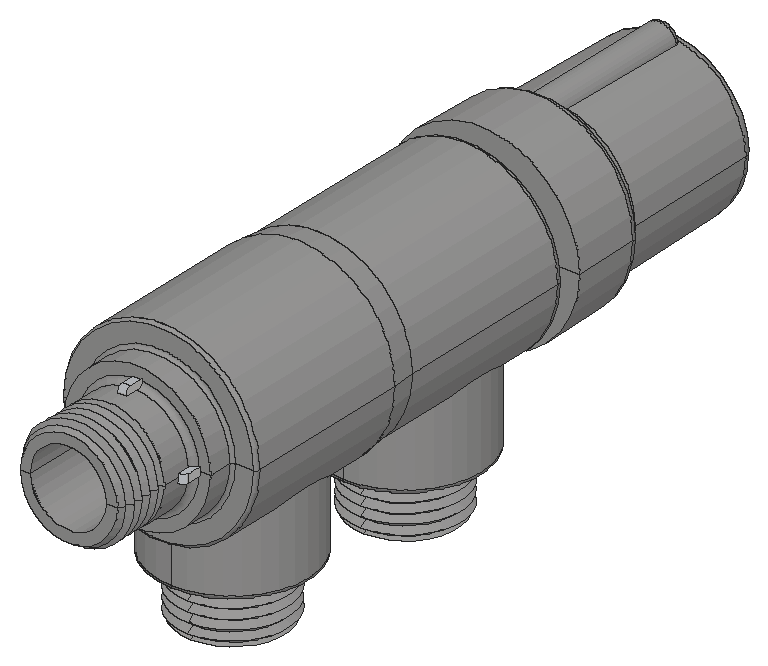
Revit family
Parameters (values of type "Type 1")
  WaterSupplyTemperatureMaximum = "55°C-85° (∆50°C : CW/HW)"
  WarrantyDurationUnit = "10 years"
  WarrantyDescription = "Any manufacturing defect"
  Version = "v1"
  URL = "http://www.delabie.com"
  Type Comments = "Thermostatic mixing valve "
  SerialNumber = "3456330018951"
  Radius (Out) = 10.3 mm
  Radius = 10.3 mm
  ProductInformation = "http://www.delabie.com/products/733015"
  Operation = "Thermostatic mixing valve "
  NominalLength = 140 mm
  Name = "PREMIX COMPACT "
  ModelNumber = "733015"
  Model = "PREMIX COMPACT"
  Material = Brass
  ManufacturerURL = "http://www.delabie.com"
  ManufacturerName = "DELABIE"
  Manufacturer = "DELABIE"
  Keynote = ""
  IntegralAccessoryOptions = "Mixer, tap, valve"
  Grade = "ACS - BELGAQUA - PZH"
  FlowRate lps = "KV 0.32 lps"
  FlowRate lpm = "KV 19 lpm"
  Finish = Rough
  Features  = "Hot water thermostatic mixing valve for mixed water distribution:\r\nFor 2 to 7 sanitary points-of-use (depending on the flow rate).\r\nAnti-scalding safety: Automatic hot water shut-off if cold water supply fails.\r\nAdjustable temperature from 30° - 60°C, can be blocked by the installer.\r\nNon-return valves and filters.\r\nMinimum flow rate for operation: 5 lpm.\r\nThermal shocks are possible.\r\nM½\" (KV 19 lpm).\r\nRough finish with blue control cap."
  Description = "French manufacturer Delabie is a leader in the European sanitary ware market for non-domestic places. Water controls, solutions for disabled people, sanitary ware, for schools, leisure centres, offices, hospitals, airports…"
  Category = "Basin, shower"
  Assembly Code = ""
Reference planes
  plane 1: y = 0
  plane 2 "Center (Left/Right)": x = 125
  plane 3 "Back": y = 75
Forms (mm)
  Revolve 1, solid, material "Laiton brut"
    sketch origin (0.038, 144.62, 1124.99) x (1, 0, 0) y (0, 1, 0)
      loop
        arc (0, 70.98) -> (-5.333, 70.769) -> (-10.634, 70.148) r 69.276
        line (-10.634, 70.148) -> (-13.257, 70.148)
        arc (-13.257, 70.148) -> (-14.588, 69.498) -> (-15.142, 68.125) r 2.066
        line (-15.142, 68.125) -> (-15.6, 41.931)
        arc (-15.6, 41.931) -> (-16.125, 40.527) -> (-17.298, 39.594) r 2.804
        arc (-17.298, 39.594) -> (-17.756, 39.216) -> (-17.935, 38.65) r 1.046
        line (-17.935, 38.65) -> (-18.156, 25.98) -> (-11.477, 25.98) -> (-11.477, 23.774)
        arc (-11.477, 23.774) -> (-11.814, 23.067) -> (-12.543, 22.78) r 1.068
        line (-12.543, 22.78) -> (-16.471, 22.78)
        arc (-16.471, 22.78) -> (-17.208, 22.475) -> (-17.513, 21.738) r 1.042
        line (-17.513, 21.738) -> (-17.513, -11.966)
        arc (-17.513, -11.966) -> (-17.878, -14.267) -> (-18, -16.595) r 22.263
        line (-18, -16.595) -> (-18, -47.972)
        arc (-18, -47.972) -> (-17.939, -48.412) -> (-17.619, -48.72) r 0.678
        line (-17.619, -48.72) -> (-14.214, -48.72)
        arc (-14.214, -48.72) -> (-13.717, -48.856) -> (-13.5, -49.324) r 0.613
        line (-13.5, -49.324) -> (-13.5, -53.717) -> (-11.327, -53.717)
        arc (-11.327, -53.717) -> (-10.565, -54.033) -> (-10.25, -54.795) r 1.078
        line (-10.25, -54.795) -> (-10.25, -60.33) -> (-9.156, -60.961) -> (-10.253, -61.915) -> (-9.252, -62.916) -> (-10.211, -63.75) -> (-9.24, -64.624) -> (-10.228, -65.612) -> (-9.107, -66.456) -> (-10.286, -67.48) -> (-8.805, -68.24) -> (-9.605, -68.613) -> (-9, -69.62) -> (0, -69.62) -> (0, 70.98)
      axis (0, -69.62) -> (0, 70.98)
    angle from 0 to 360
  Revolve 2, solid, material "Laiton brut"
    sketch origin (0.038, 144.62, 1139.452) x (1, 0, 0) y (0, 1, 0)
      loop
        line (0, 68.215) -> (-1.814, 68.215)
        arc (-1.814, 68.215) -> (-2.674, 67.985) -> (-3.051, 67.177) r 1.054
        line (-3.051, 67.177) -> (-3.051, 36.738) -> (0, 36.738) -> (0, 68.215)
      axis (0, 36.738) -> (0, 68.215)
    angle from 0 to 360
  Revolve 3, solid, material "Laiton brut"
    sketch origin (0.038, 144.62, 1110.527) x (0, -1, 0) y (1, 0, 0)
      loop
        line (-68.215, 0) -> (-68.215, -1.814)
        arc (-68.215, -1.814) -> (-67.985, -2.674) -> (-67.177, -3.051) r 1.054
        line (-67.177, -3.051) -> (-36.738, -3.051) -> (-36.738, 0) -> (-68.215, 0)
      axis (-36.738, 0) -> (-68.215, 0)
    angle from 0 to 360
  Extrusion 4, solid
    sketch origin (0.038, 144.62, 1124.99) x (0, 1, 0) y (0, 0, 1)
      loop
        line (-57.22, 10.25) -> (-52.487, 10.25) -> (-52.487, 11.496) -> (-56.259, 11.496)
        arc (-56.259, 11.496) -> (-57.046, 11.109) -> (-57.22, 10.25) r 0.993
      loop
        arc (-57.22, -10.223) -> (-57.046, -11.082) -> (-56.259, -11.469) r 0.993
        line (-56.259, -11.469) -> (-52.487, -11.469) -> (-52.487, -10.223) -> (-57.22, -10.223)
    from -0.775 to 0.772
  Extrusion 5, solid
    sketch origin (0.007, 144.62, 1124.979) x (0, 1, 0) y (1, 0, -0.00065)
      loop
        line (-57.22, 10.25) -> (-52.487, 10.25) -> (-52.487, 11.496) -> (-56.259, 11.496)
        arc (-56.259, 11.496) -> (-57.046, 11.109) -> (-57.22, 10.25) r 0.993
      loop
        arc (-57.22, -10.223) -> (-57.046, -11.082) -> (-56.259, -11.469) r 0.993
        line (-56.259, -11.469) -> (-52.487, -11.469) -> (-52.487, -10.223) -> (-57.22, -10.223)
    from -0.775 to 0.772
  Revolve 6, solid, material "Laiton brut"
    sketch origin (0.038, 144.62, 1124.99) x (0, 1, 0) y (0, 0, 1)
      loop
        line (8.28, -37.639) -> (17.064, -37.639) -> (17.913, -37.379) -> (17.174, -37.019) -> (18.549, -36.126) -> (17.277, -35.235) -> (18.505, -34.31) -> (17.198, -33.394) -> (18.556, -32.512) -> (17.204, -31.565) -> (18.545, -30.694) -> (17.199, -29.752) -> (18.551, -28.874) -> (17.22, -27.942) -> (18.558, -27.073) -> (21.846, -27.073)
        arc (21.846, -27.073) -> (22.283, -26.878) -> (22.43, -26.423) r 0.588
        line (22.43, -26.423) -> (22.43, -5.833) -> (8.28, -5.833) -> (8.28, -37.639)
      axis (8.28, -5.833) -> (8.28, -37.639)
    angle from 0 to 360
  Revolve 7, solid, material "Laiton brut"
    sketch origin (0.038, 121.173, 1124.975) x (0, -1, 0) y (0, 0, -1)
      loop
        line (8.28, 37.639) -> (8.28, 5.833) -> (22.43, 5.833) -> (22.43, 26.423)
        arc (22.43, 26.423) -> (22.283, 26.878) -> (21.846, 27.073) r 0.588
        line (21.846, 27.073) -> (18.558, 27.073) -> (17.22, 27.942) -> (18.551, 28.874) -> (17.199, 29.752) -> (18.545, 30.694) -> (17.204, 31.565) -> (18.556, 32.512) -> (17.198, 33.394) -> (18.505, 34.31) -> (17.277, 35.235) -> (18.549, 36.126) -> (17.174, 37.019) -> (17.913, 37.379) -> (17.064, 37.639) -> (8.28, 37.639)
      axis (8.28, 5.833) -> (8.28, 37.639)
    angle from 0 to 360
  Extrusion 8, void
    sketch origin (0, 112.893, 1087.336) x (1, 0, 0) y (0, 1, 0)
      loop
        circle (0.03, 39.967) r 7.025
    from 0 to 11.23
  Revolve 9, solid, material "Laiton brut", not visible
    sketch origin (0.038, -1.911, 60.33) x (1, 0, 0) y (0, 0, 1)
      loop
        arc (0, 70.98) -> (-5.333, 70.769) -> (-10.634, 70.148) r 69.276
        line (-10.634, 70.148) -> (-13.257, 70.148)
        arc (-13.257, 70.148) -> (-14.588, 69.498) -> (-15.142, 68.125) r 2.066
        line (-15.142, 68.125) -> (-15.6, 41.931)
        arc (-15.6, 41.931) -> (-16.125, 40.527) -> (-17.298, 39.594) r 2.804
        arc (-17.298, 39.594) -> (-17.756, 39.216) -> (-17.935, 38.65) r 1.046
        line (-17.935, 38.65) -> (-18.156, 25.98) -> (-11.477, 25.98) -> (-11.477, 23.774)
        arc (-11.477, 23.774) -> (-11.814, 23.067) -> (-12.543, 22.78) r 1.068
        line (-12.543, 22.78) -> (-16.471, 22.78)
        arc (-16.471, 22.78) -> (-17.208, 22.475) -> (-17.513, 21.738) r 1.042
        line (-17.513, 21.738) -> (-17.513, -11.966)
        arc (-17.513, -11.966) -> (-17.878, -14.267) -> (-18, -16.595) r 22.263
        line (-18, -16.595) -> (-18, -47.972)
        arc (-18, -47.972) -> (-17.939, -48.412) -> (-17.619, -48.72) r 0.678
        line (-17.619, -48.72) -> (-14.214, -48.72)
        arc (-14.214, -48.72) -> (-13.717, -48.856) -> (-13.5, -49.324) r 0.613
        line (-13.5, -49.324) -> (-13.5, -53.717) -> (-11.327, -53.717)
        arc (-11.327, -53.717) -> (-10.565, -54.033) -> (-10.25, -54.795) r 1.078
        line (-10.25, -54.795) -> (-10.25, -60.33) -> (-9.156, -60.961) -> (-10.253, -61.915) -> (-9.252, -62.916) -> (-10.211, -63.75) -> (-9.24, -64.624) -> (-10.228, -65.612) -> (-9.107, -66.456) -> (-10.286, -67.48) -> (-8.805, -68.24) -> (-9.605, -68.613) -> (-9, -69.62) -> (0, -69.62) -> (0, 70.98)
      axis (0, -69.62) -> (0, 70.98)
    angle from 0 to 360
  Revolve 10, solid, material "Laiton brut", not visible
    sketch origin (0.038, -16.373, 60.33) x (1, 0, 0) y (0, 0, 1)
      loop
        line (0, 68.215) -> (-1.814, 68.215)
        arc (-1.814, 68.215) -> (-2.674, 67.985) -> (-3.051, 67.177) r 1.054
        line (-3.051, 67.177) -> (-3.051, 36.738) -> (0, 36.738) -> (0, 68.215)
      axis (0, 36.738) -> (0, 68.215)
    angle from 0 to 360
  Revolve 11, solid, material "Laiton brut", not visible
    sketch origin (0.038, 12.552, 60.33) x (1, 0, 0) y (0, 0, -1)
      loop
        line (0, -68.215) -> (0, -36.738) -> (-3.051, -36.738) -> (-3.051, -67.177)
        arc (-3.051, -67.177) -> (-2.674, -67.985) -> (-1.814, -68.215) r 1.054
        line (-1.814, -68.215) -> (0, -68.215)
      axis (0, -36.738) -> (0, -68.215)
    angle from 0 to 360
  Extrusion 12, solid, not visible
    sketch origin (0.038, -1.911, 60.33) x (0, 0, 1) y (0, -1, 0)
      loop
        line (-57.22, 10.25) -> (-52.487, 10.25) -> (-52.487, 11.496) -> (-56.259, 11.496)
        arc (-56.259, 11.496) -> (-57.046, 11.109) -> (-57.22, 10.25) r 0.993
      loop
        arc (-57.22, -10.223) -> (-57.046, -11.082) -> (-56.259, -11.469) r 0.993
        line (-56.259, -11.469) -> (-52.487, -11.469) -> (-52.487, -10.223) -> (-57.22, -10.223)
    from -0.775 to 0.772
  Extrusion 13, solid, not visible
    sketch origin (0.007, -1.9, 60.33) x (0, 0, 1) y (1, 0.00065, 0)
      loop
        line (-57.22, 10.25) -> (-52.487, 10.25) -> (-52.487, 11.496) -> (-56.259, 11.496)
        arc (-56.259, 11.496) -> (-57.046, 11.109) -> (-57.22, 10.25) r 0.993
      loop
        arc (-57.22, -10.223) -> (-57.046, -11.082) -> (-56.259, -11.469) r 0.993
        line (-56.259, -11.469) -> (-52.487, -11.469) -> (-52.487, -10.223) -> (-57.22, -10.223)
    from -0.775 to 0.772
  Revolve 14, solid, material "Laiton brut", not visible
    sketch origin (0.038, -1.911, 60.33) x (0, 0, 1) y (0, -1, 0)
      loop
        line (8.28, -37.639) -> (17.064, -37.639) -> (17.913, -37.379) -> (17.174, -37.019) -> (18.549, -36.126) -> (17.277, -35.235) -> (18.505, -34.31) -> (17.198, -33.394) -> (18.556, -32.512) -> (17.204, -31.565) -> (18.545, -30.694) -> (17.199, -29.752) -> (18.551, -28.874) -> (17.22, -27.942) -> (18.558, -27.073) -> (21.846, -27.073)
        arc (21.846, -27.073) -> (22.283, -26.878) -> (22.43, -26.423) r 0.588
        line (22.43, -26.423) -> (22.43, -5.833) -> (8.28, -5.833) -> (8.28, -37.639)
      axis (8.28, -5.833) -> (8.28, -37.639)
    angle from 0 to 360
  Revolve 15, solid, material "Laiton brut", not visible
    sketch origin (0.038, -1.896, 36.884) x (0, 0, -1) y (0, 1, 0)
      loop
        line (8.28, 37.639) -> (8.28, 5.833) -> (22.43, 5.833) -> (22.43, 26.423)
        arc (22.43, 26.423) -> (22.283, 26.878) -> (21.846, 27.073) r 0.588
        line (21.846, 27.073) -> (18.558, 27.073) -> (17.22, 27.942) -> (18.551, 28.874) -> (17.199, 29.752) -> (18.545, 30.694) -> (17.204, 31.565) -> (18.556, 32.512) -> (17.198, 33.394) -> (18.505, 34.31) -> (17.277, 35.235) -> (18.549, 36.126) -> (17.174, 37.019) -> (17.913, 37.379) -> (17.064, 37.639) -> (8.28, 37.639)
      axis (8.28, 5.833) -> (8.28, 37.639)
    angle from 0 to 360
  Extrusion 16, void, not visible
    sketch origin (0, 35.743, 28.604) x (1, 0, 0) y (0, 0, 1)
      loop
        circle (0.03, 39.967) r 7.025
    from 0 to 11.23
  Extrusion 17, void
    sketch origin (0, 72.893, 1087.336) x (1, 0, 0) y (0, 1, 0)
      loop
        circle (0.03, 39.967) r 7.025
    from 0 to 11.23
  Extrusion 18, void, not visible
    sketch origin (0, 35.743, -11.396) x (1, 0, 0) y (0, 0, 1)
      loop
        circle (0.03, 39.967) r 7.025
    from 0 to 11.23
  Extrusion 19, void
    sketch origin (0, 75, 0) x (1, 0, 0) y (0, 0, 1)
      loop
        circle (0.002, 1125.16) r 7
    from -15.902 to 0
  Extrusion 20, void, not visible
    sketch origin (0, 1123.079, -9.29) x (0, -1, 0) y (1, 0, 0)
      loop
        circle (1125.16, 0.002) r 7
    from 15.902 to 0
Cuts and joins
  Extrusion 8, Extrusion 17 cuts Revolve 6
  Extrusion 17 cuts Revolve 7
  Extrusion 19 cuts Revolve 1
Lines and regions (mm)
  model lines
    curve 1: circle (0.015, 152.822, 0) r 7 normal (0, 0, 1)
Text (mm)
  text "Placement side" at (-1787.139, 592.35, 0), in view "Ref. Level"
  text "Placement side" at (0, 1827.695, 2917.686), in view "Left"
  text "Placement side" at (0, 562.268, 3853.606), in view "Right"
Dimensions and locks
  locked: plane 3 "Back" to host wall at 0
  locked: Revolve 1 to plane 3 "Back" at 0
  aligned and locked: host wall to plane 1
  aligned and locked: Extrusion 19 to Revolve 1
  aligned and locked: Revolve 1 to Extrusion 19
  aligned and locked: Extrusion 20 to Revolve 9
  aligned and locked: Revolve 9 to Extrusion 20
Connectors
  piping at (0.03, 152.86, 1098.566), driven by "Radius"
    settings: on cut or joined group of Revolve 6, Extrusion 8, Extrusion 17, index 1, connector radius 10.3 mm, flow factor 0, pipe flow 0.0 L/s, pressure drop 0.0 Pa, fitting loss kfactor 0, connector angle 0.00°, fixture units 0, flow configuration 1, flow direction 1, fitting loss method 0, system type 20, connector reference index -1, connector utility 0, adjustable connector no, is connector primary yes, fitting loss table "", connector description "In - Cold water"
  piping at (0.03, 112.86, 1098.566), driven by "Radius"
    settings: on cut or joined group of Revolve 7, Extrusion 17, index 2, connector radius 10.3 mm, flow factor 0, pipe flow 0.0 L/s, pressure drop 0.0 Pa, fitting loss kfactor 0, connector angle 0.00°, fixture units 0, flow configuration 1, flow direction 1, fitting loss method 0, system type 19, connector reference index -1, connector utility 0, adjustable connector no, is connector primary no, fitting loss table "", connector description "In - Hot water"
  piping at (0.002, 90.902, 1125.16), driven by "Radius (Out)"
    settings: on cut or joined group of Revolve 1, Extrusion 19, index 3, connector radius 10.3 mm, flow factor 0, pipe flow 0.32 L/s, pressure drop 0.0 Pa, fitting loss kfactor 0, connector angle 0.00°, fixture units 0, flow configuration 1, flow direction 2, fitting loss method 0, system type 19, connector reference index -1, connector utility 0, adjustable connector no, is connector primary no, fitting loss table "", connector description "Out - Mixed water"
